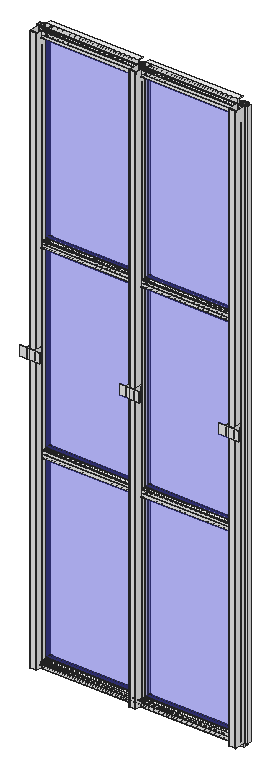
Revit family "Facade_60_Curtain_Wall_I23_Standard", category Windows, host Wall, Revit 2014 (continued)
Definition of nested family "F60 Horizontal Profile Middle_I23_Std"
  Forms (mm)
    Extrusion 5, solid, material <- "Thermal Break Material", visible <- "Single Glazing"
      sketch origin (0, 0, 0) x (0, 1, 0) y (0, 0, 1)
        loop
          line (-59.3, 25.751) -> (-59.3, 27.648) -> (-49.599, 27.648) -> (-47.528, 28.651)
          arc (-47.528, 28.651) -> (-46.803, 30.001) -> (-47.528, 31.351) r 1.62
          line (-47.528, 31.351) -> (-49.599, 32.353) -> (-59.3, 32.353) -> (-59.3, 34.251)
          arc (-59.3, 34.251) -> (-59.446, 34.604) -> (-59.8, 34.751) r 0.5
          line (-59.8, 34.751) -> (-63.3, 34.751)
          arc (-63.3, 34.751) -> (-63.654, 34.604) -> (-63.8, 34.251) r 0.5
          line (-63.8, 34.251) -> (-63.8, 32.328) -> (-62.4, 31.52) -> (-62.4, 28.483) -> (-63.8, 27.673) -> (-63.8, 25.751)
        loop
          line (-59.794, 28.506) -> (-59.006, 29.294)
          arc (-59.006, 29.294) -> (-58.788, 29.618) -> (-58.713, 30.001) r 0.986
          arc (-58.713, 30.001) -> (-58.79, 30.384) -> (-59.008, 30.71) r 1.007
          line (-59.008, 30.71) -> (-59.794, 31.496) -> (-60.65, 31.496)
          arc (-60.65, 31.496) -> (-61.004, 31.349) -> (-61.15, 30.996) r 0.5
          line (-61.15, 30.996) -> (-61.15, 29.006)
          arc (-61.15, 29.006) -> (-61.004, 28.652) -> (-60.65, 28.506) r 0.5
          line (-60.65, 28.506) -> (-59.794, 28.506)
        loop
          line (-47.854, 30.898) -> (-49.415, 31.653) -> (-56.782, 31.653)
          arc (-56.782, 31.653) -> (-57.207, 31.417) -> (-57.23, 30.932) r 0.5
          arc (-57.23, 30.932) -> (-57.013, 30.001) -> (-57.23, 29.07) r 2.099
          arc (-57.23, 29.07) -> (-57.207, 28.584) -> (-56.782, 28.348) r 0.5
          line (-56.782, 28.348) -> (-49.415, 28.348) -> (-48.055, 29.007)
          arc (-48.055, 29.007) -> (-47.35, 29.888) -> (-47.854, 30.898) r 1.047
      from 0 to 250 <- "Length"
    Extrusion 6, solid, material <- "Profile Material", visible <- "Single Glazing"
      sketch origin (0, 0, 0) x (0, 1, 0) y (0, 0, 1)
        loop
          line (-63.8, 52.694) -> (-64.8, 52.694) -> (-64.8, 51.544) -> (-66.05, 51.544) -> (-66.05, 57.044) -> (-64.8, 57.044) -> (-64.8, 55.894) -> (-63.8, 55.894) -> (-63.8, 58.294)
          arc (-63.8, 58.294) -> (-64.082, 58.803) -> (-64.664, 58.835) r 0.6
          line (-64.664, 58.835) -> (-66.562, 57.91) -> (-67.088, 58.988) -> (-68.05, 58.519) -> (-68.05, 48.513)
          arc (-68.05, 48.513) -> (-67.874, 48.089) -> (-67.45, 47.913) r 0.6
          line (-67.45, 47.913) -> (-66.6, 47.913) -> (-66.6, 12.09) -> (-67.45, 12.09)
          arc (-67.45, 12.09) -> (-67.874, 11.914) -> (-68.05, 11.49) r 0.6
          line (-68.05, 11.49) -> (-68.05, 1.485) -> (-67.088, 1.016) -> (-66.562, 2.095) -> (-64.663, 1.169)
          arc (-64.663, 1.169) -> (-64.082, 1.2) -> (-63.8, 1.709) r 0.6
          line (-63.8, 1.709) -> (-63.8, 4.109) -> (-64.8, 4.109) -> (-64.8, 2.959) -> (-66.05, 2.959) -> (-66.05, 8.459) -> (-64.8, 8.459) -> (-64.8, 7.309) -> (-63.8, 7.309) -> (-63.8, 27.674) -> (-62.4, 28.483) -> (-62.4, 31.521) -> (-63.8, 32.329) -> (-63.8, 52.694)
      from 0 to 250 <- "Length"
    Extrusion 7, solid, material <- "Profile Material", visible <- "Single Glazing"
      sketch origin (0, 0, 0) x (0, 1, 0) y (0, 0, 1)
        loop
          line (-68.551, 3.3) -> (-76.559, 3.3) -> (-76.559, 30) -> (-76.559, 56.15)
          arc (-76.559, 56.15) -> (-75.739, 58.13) -> (-73.759, 58.95) r 2.8
          line (-73.759, 58.95) -> (-69.151, 58.95) -> (-69.151, 57.2)
          arc (-69.151, 57.2) -> (-68.987, 56.829) -> (-68.601, 56.703) r 0.5
          arc (-68.601, 56.703) -> (-68.216, 56.829) -> (-68.051, 57.2) r 0.5
          line (-68.051, 57.2) -> (-68.051, 58.517) -> (-67.089, 58.986) -> (-66.563, 57.907) -> (-63.866, 59.222)
          arc (-63.866, 59.222) -> (-64.001, 59.762) -> (-64.504, 60) r 0.65
          line (-64.504, 60) -> (-73.859, 60)
          arc (-73.859, 60) -> (-76.687, 58.828) -> (-77.859, 56) r 4
          line (-77.859, 56) -> (-77.859, 30) -> (-77.859, 2.493)
          arc (-77.859, 2.493) -> (-77.197, 0.799) -> (-75.562, 0.002) r 2.5
          arc (-75.562, 0.002) -> (-75.182, 0.132) -> (-75.021, 0.5) r 0.5
          line (-75.021, 0.5) -> (-75.021, 2) -> (-69.151, 2) -> (-69.151, 0.5)
          arc (-69.151, 0.5) -> (-69.005, 0.146) -> (-68.651, 0) r 0.5
          line (-68.651, 0) -> (-64.504, 0)
          arc (-64.504, 0) -> (-64.001, 0.238) -> (-63.866, 0.778) r 0.65
          line (-63.866, 0.778) -> (-66.563, 2.093) -> (-67.089, 1.014) -> (-68.051, 1.483) -> (-68.051, 2.8)
          arc (-68.051, 2.8) -> (-68.198, 3.154) -> (-68.551, 3.3) r 0.5
      from 0 to 250 <- "Length"
    Extrusion 8, solid, material <- "Thermal Break Material", visible <- "Double Glazing"
      sketch origin (0, 0, 0) x (0, 1, 0) y (0, 0, 1)
        loop
          line (-77.8, 27.673) -> (-77.8, 25.751)
          arc (-77.8, 25.751) -> (-77.654, 25.397) -> (-77.3, 25.251) r 0.5
          line (-77.3, 25.251) -> (-59.8, 25.251)
          arc (-59.8, 25.251) -> (-59.446, 25.397) -> (-59.3, 25.751) r 0.5
          line (-59.3, 25.751) -> (-59.3, 27.647) -> (-49.599, 27.647) -> (-47.528, 28.649)
          arc (-47.528, 28.649) -> (-46.803, 29.999) -> (-47.528, 31.349) r 1.62
          line (-47.528, 31.349) -> (-49.602, 32.353) -> (-59.3, 32.353) -> (-59.3, 34.251)
          arc (-59.3, 34.251) -> (-59.446, 34.604) -> (-59.8, 34.751) r 0.5
          line (-59.8, 34.751) -> (-77.3, 34.751)
          arc (-77.3, 34.751) -> (-77.654, 34.604) -> (-77.8, 34.251) r 0.5
          line (-77.8, 34.251) -> (-77.8, 32.327) -> (-76.4, 31.52) -> (-76.4, 28.482) -> (-77.8, 27.673)
        loop
          line (-59.006, 30.708) -> (-61.156, 32.858)
          arc (-61.156, 32.858) -> (-61.48, 33.074) -> (-61.863, 33.151) r 1
          line (-61.863, 33.151) -> (-73.8, 33.151)
          arc (-73.8, 33.151) -> (-74.507, 32.858) -> (-74.8, 32.151) r 1
          line (-74.8, 32.151) -> (-74.8, 27.851)
          arc (-74.8, 27.851) -> (-74.507, 27.144) -> (-73.8, 26.851) r 1
          line (-73.8, 26.851) -> (-61.863, 26.851)
          arc (-61.863, 26.851) -> (-61.48, 26.927) -> (-61.156, 27.144) r 1
          line (-61.156, 27.144) -> (-59.006, 29.294)
          arc (-59.006, 29.294) -> (-58.788, 29.618) -> (-58.713, 30.001) r 0.986
          arc (-58.713, 30.001) -> (-58.79, 30.383) -> (-59.006, 30.708) r 1.007
        loop
          line (-56.782, 28.347) -> (-49.415, 28.347) -> (-48.055, 29.005)
          arc (-48.055, 29.005) -> (-47.35, 29.887) -> (-47.854, 30.896) r 1.047
          line (-47.854, 30.896) -> (-49.415, 31.652) -> (-56.782, 31.652)
          arc (-56.782, 31.652) -> (-57.207, 31.416) -> (-57.23, 30.93) r 0.5
          arc (-57.23, 30.93) -> (-57.013, 29.999) -> (-57.23, 29.068) r 2.099
          arc (-57.23, 29.068) -> (-57.207, 28.583) -> (-56.782, 28.347) r 0.5
      from 0 to 250 <- "Length"
    Extrusion 9, solid, material <- "Profile Material", visible <- "Double Glazing"
      sketch origin (0, 0, 0) x (0, 1, 0) y (0, 0, 1)
        loop
          line (-77.8, 52.694) -> (-78.8, 52.694) -> (-78.8, 51.544) -> (-80.05, 51.544) -> (-80.05, 57.044) -> (-78.8, 57.044) -> (-78.8, 55.894) -> (-77.8, 55.894) -> (-77.8, 58.294)
          arc (-77.8, 58.294) -> (-78.082, 58.802) -> (-78.664, 58.834) r 0.6
          line (-78.664, 58.834) -> (-80.562, 57.909) -> (-81.088, 58.988) -> (-82.05, 58.518) -> (-82.05, 48.512)
          arc (-82.05, 48.512) -> (-81.874, 48.088) -> (-81.45, 47.912) r 0.6
          line (-81.45, 47.912) -> (-80.6, 47.912) -> (-80.6, 12.089) -> (-81.45, 12.089)
          arc (-81.45, 12.089) -> (-81.874, 11.913) -> (-82.05, 11.489) r 0.6
          line (-82.05, 11.489) -> (-82.05, 1.484) -> (-81.088, 1.015) -> (-80.562, 2.094) -> (-78.663, 1.169)
          arc (-78.663, 1.169) -> (-78.082, 1.199) -> (-77.8, 1.708) r 0.6
          line (-77.8, 1.708) -> (-77.8, 4.108) -> (-78.8, 4.108) -> (-78.8, 2.958) -> (-80.05, 2.958) -> (-80.05, 8.458) -> (-78.8, 8.458) -> (-78.8, 7.308) -> (-77.8, 7.308) -> (-77.8, 27.673) -> (-76.4, 28.482) -> (-76.4, 31.52) -> (-77.8, 32.328) -> (-77.8, 52.694)
      from 0 to 250 <- "Length"
    Extrusion 10, solid, material <- "Profile Material", visible <- "Double Glazing"
      sketch origin (0, 0, 0) x (0, 1, 0) y (0, 0, 1)
        loop
          line (-82.551, 3.3) -> (-90.558, 3.3) -> (-90.558, 30) -> (-90.558, 56.15)
          arc (-90.558, 56.15) -> (-89.738, 58.13) -> (-87.758, 58.95) r 2.8
          line (-87.758, 58.95) -> (-83.151, 58.95) -> (-83.151, 57.2)
          arc (-83.151, 57.2) -> (-82.986, 56.829) -> (-82.601, 56.703) r 0.5
          arc (-82.601, 56.703) -> (-82.215, 56.829) -> (-82.051, 57.2) r 0.5
          line (-82.051, 57.2) -> (-82.051, 58.517) -> (-81.088, 58.986) -> (-80.563, 57.907) -> (-77.866, 59.222)
          arc (-77.866, 59.222) -> (-78, 59.762) -> (-78.503, 60) r 0.65
          line (-78.503, 60) -> (-87.858, 60)
          arc (-87.858, 60) -> (-90.687, 58.828) -> (-91.858, 56) r 4
          line (-91.858, 56) -> (-91.858, 30) -> (-91.858, 2.493)
          arc (-91.858, 2.493) -> (-91.196, 0.799) -> (-89.561, 0.002) r 2.5
          arc (-89.561, 0.002) -> (-89.182, 0.132) -> (-89.021, 0.5) r 0.5
          line (-89.021, 0.5) -> (-89.021, 2) -> (-83.151, 2) -> (-83.151, 0.5)
          arc (-83.151, 0.5) -> (-83.004, 0.146) -> (-82.651, 0) r 0.5
          line (-82.651, 0) -> (-78.503, 0)
          arc (-78.503, 0) -> (-78, 0.238) -> (-77.866, 0.778) r 0.65
          line (-77.866, 0.778) -> (-80.563, 2.093) -> (-81.088, 1.014) -> (-82.051, 1.483) -> (-82.051, 2.8)
          arc (-82.051, 2.8) -> (-82.197, 3.154) -> (-82.551, 3.3) r 0.5
      from 0 to 250 <- "Length"
  Dimensions and locks
    aligned and locked: level to plane 2
Definition of nested family "F60 Intermediate Anchor_I23_Std"
  Parameters (values of type "F60 Intermediate Anchor")
    Profile Material [instance] = none
  Reference planes
    plane 1 "Center (Front/Back)": y = 0
    plane 2: z = 0
    plane 3 "Center (Left/Right)": x = 0
  Forms (mm)
    Extrusion 1, solid, material <- "Profile Material"
      sketch origin (0, 0, 0) x (1, 0, 0) y (0, 1, 0)
        loop
          line (23.715, 89.531) -> (108.716, 89.531) -> (193.716, 89.531) -> (193.716, 92.558)
          arc (193.716, 92.558) -> (192.905, 94.609) -> (190.911, 95.551) r 3
          line (190.911, 95.551) -> (147.753, 95.551)
          arc (147.753, 95.551) -> (146.314, 96.123) -> (145.715, 97.551) r 2
          line (145.715, 97.551) -> (145.715, 166.508)
          arc (145.715, 166.508) -> (144.291, 168.703) -> (141.815, 169.552) r 4.008
          line (141.815, 169.552) -> (140.303, 169.552)
          arc (140.303, 169.552) -> (139.875, 169.378) -> (139.703, 168.95) r 0.588
          line (139.703, 168.95) -> (139.703, 94.268)
          arc (139.703, 94.268) -> (139.579, 93.769) -> (139.115, 93.549) r 0.6
          line (139.115, 93.549) -> (108.715, 93.549) -> (78.422, 93.549)
          arc (78.422, 93.549) -> (77.93, 93.679) -> (77.715, 94.14) r 0.6
          line (77.715, 94.14) -> (77.715, 168.94)
          arc (77.715, 168.94) -> (77.531, 169.368) -> (77.104, 169.54) r 0.588
          line (77.104, 169.54) -> (75.684, 169.54)
          arc (75.684, 169.54) -> (73.185, 168.744) -> (71.713, 166.573) r 4.008
          line (71.713, 166.573) -> (71.713, 97.622)
          arc (71.713, 97.622) -> (71.158, 96.154) -> (69.715, 95.538) r 2
          line (69.715, 95.538) -> (26.715, 95.532)
          arc (26.715, 95.532) -> (24.594, 94.653) -> (23.715, 92.532) r 3
          line (23.715, 92.532) -> (23.715, 89.531)
      from 0 to 85
  Dimensions and locks
    aligned and locked: level to plane 2
Types (23, lengths in mm): name | Windload Design | Width | Overall Width | Overall Height | Mullion Side Gap | Mullion Configuration | Max Pane Area | Sill Length | Length Sill | Intruderprufe U Value | Intruderprufe SHGC Value | Intruderprufe LowE U Value | Intruderprufe LowE SHGC Value | Intruderprufe Insulated U Value | Intruderprufe Insulated SHGC Value | Intruderprufe Insulated LowE U Value | Intruderprufe Insulated LowE SHGC Value | Horizontal Profile Length | Glazing Width | Glazing Gap SG | Glazing Gap DG | DG Thickness Calc | DG Thickness | SG Thickness | Frame Offset | Custom Curtain Wall Width | Custom Windload | 160mm Mullion | 100mm Mullion
  (no name) | 1000 | 1790 | 1790 | 4990 | 865 | 1 | 1.36425 m² | 1790 | 1790 | 5.64 | 0.685 | 4.28 | 0.6 | 3.1 | 0.59 | 2.48 | 0.532 | 805 | 845.4 | 5 | 4 | 4 | 4 | 4 | 130 | 1790 | 1000 | no | yes
  F60-I23-1850-1000Pa | 1000 | 1790 | 1790 | 4990 | 865 | 1 | 1.36425 m² | 1790 | 1790 | 5.64 | 0.685 | 4.28 | 0.6 | 3.1 | 0.59 | 2.48 | 0.532 | 805 | 845.4 | 5 | 4 | 4 | 4 | 4 | 130 | 1790 | 1000 | no | yes
  F60-I23-1850-1500Pa | 1500 | 1790 | 2000 | 3000 | 865 | 1 | 1.36425 m² | 1790 | 1790 | 5.64 | 0.685 | 4.28 | 0.6 | 3.1 | 0.59 | 2.48 | 0.532 | 805 | 845.4 | 5 | 4 | 4 | 4 | 4 | 130 | 1790 | 1500 | no | yes
  F60-I23-2450-1000Pa | 1000 | 2390 | 2000 | 3000 | 1165 | 1 | 1.84837 m² | 2390 | 2390 | 5.66 | 0.692 | 4.25 | 0.607 | 3.07 | 0.596 | 2.44 | 0.537 | 1105 | 1145.4 | 4.5 | 4 | 4 | 4 | 5 | 130 | 2390 | 1000 | no | yes
  F60-I23-2450-1500Pa | 1500 | 2390 | 2000 | 3000 | 1165 | 1 | 1.84837 m² | 2390 | 2390 | 5.66 | 0.692 | 4.25 | 0.607 | 3.07 | 0.596 | 2.44 | 0.537 | 1105 | 1145.4 | 4.5 | 4 | 4 | 4 | 5 | 130 | 2390 | 1500 | no | yes
  F60-I23-2450-2000Pa | 2000 | 2390 | 2000 | 3000 | 1165 | 2 | 1.84837 m² | 2390 | 2390 | 5.66 | 0.692 | 4.25 | 0.607 | 3.07 | 0.596 | 2.44 | 0.537 | 1105 | 1145.4 | 4.5 | 4 | 4 | 4 | 5 | 160 | 2390 | 2000 | yes | no
  F60-I23-3050-1000Pa | 1000 | 2990 | 2000 | 3000 | 1465 | 1 | 2.33249 m² | 2990 | 2990 | 5.68 | 0.703 | 4.21 | 0.616 | 3.04 | 0.605 | 2.39 | 0.546 | 1405 | 1445.4 | 3.8 | 3 | 5 | 5 | 6.4 | 130 | 2990 | 1000 | no | yes
  F60-I23-3050-1500Pa | 1500 | 2990 | 2000 | 3000 | 1465 | 1 | 2.33249 m² | 2990 | 2990 | 5.68 | 0.703 | 4.21 | 0.616 | 3.04 | 0.605 | 2.39 | 0.546 | 1405 | 1445.4 | 3.8 | 3 | 5 | 5 | 6.4 | 130 | 2990 | 1500 | no | yes
  F60-I23-3050-2000Pa | 2000 | 2990 | 2000 | 3000 | 1465 | 2 | 2.33249 m² | 2990 | 2990 | 5.68 | 0.703 | 4.21 | 0.616 | 3.04 | 0.605 | 2.39 | 0.546 | 1405 | 1445.4 | 3.8 | 3 | 5 | 5 | 6.4 | 160 | 2990 | 2000 | yes | no
  F60-I23-3650-1000Pa | 1000 | 3590 | 2000 | 3000 | 1765 | 1 | 2.81661 m² | 3590 | 3590 | 5.7 | 0.71 | 4.19 | 0.622 | 3.01 | 0.611 | 2.36 | 0.551 | 1705 | 1745.4 | 3.8 | 3 | 5 | 5 | 6.4 | 130 | 3590 | 1000 | no | yes
  F60-I23-3650-1500Pa | 1500 | 3590 | 2000 | 3000 | 1765 | 2 | 2.81661 m² | 3590 | 3590 | 5.7 | 0.71 | 4.19 | 0.622 | 3.01 | 0.611 | 2.36 | 0.551 | 1705 | 1745.4 | 3.8 | 3 | 5 | 5 | 6.4 | 160 | 3590 | 1500 | yes | no
  F60-I23-3650-2000Pa | 2000 | 3590 | 2000 | 3000 | 1765 | 2 | 2.81661 m² | 3590 | 3590 | 5.7 | 0.71 | 4.19 | 0.622 | 3.01 | 0.611 | 2.36 | 0.551 | 1705 | 1745.4 | 3.8 | 3 | 5 | 5 | 6.4 | 160 | 3590 | 2000 | yes | no
  F60-I23-4250-1000Pa | 1000 | 4190 | 3900 | 4990 | 2065 | 1 | 3.30073 m² | 4190 | 4190 | 5.71 | 0.716 | 4.17 | 0.627 | 3 | 0.616 | 2.34 | 0.555 | 2005 | 2045.4 | 3 | 2 | 6 | 6 | 8 | 130 | 4190 | 1000 | no | yes
  F60-I23-4250-1500Pa | 1500 | 4190 | 3900 | 4990 | 2065 | 2 | 3.30073 m² | 4190 | 4190 | 5.71 | 0.716 | 4.17 | 0.627 | 3 | 0.616 | 2.34 | 0.555 | 2005 | 2045.4 | 3 | 2 | 6 | 6 | 8 | 160 | 4190 | 1500 | yes | no
  F60-I23-4250-2000Pa | 2000 | 4190 | 3900 | 4990 | 2065 | 2 | 3.30073 m² | 4190 | 4190 | 5.71 | 0.716 | 4.17 | 0.627 | 3 | 0.616 | 2.34 | 0.555 | 2005 | 2045.4 | 3 | 2 | 6 | 6 | 8 | 160 | 4190 | 2000 | yes | no
  F60-I23-4850-1000Pa | 1000 | 4790 | 3900 | 4990 | 2365 | 1 | 3.78485 m² | 4790 | 4790 | 5.72 | 0.719 | 4.15 | 0.63 | 2.98 | 0.619 | 2.32 | 0.558 | 2305 | 2345.4 | 3 | 2 | 6 | 6 | 8 | 130 | 4790 | 1000 | no | yes
  F60-I23-4850-1500Pa | 1500 | 4790 | 3900 | 4990 | 2365 | 2 | 3.78485 m² | 4790 | 4790 | 5.72 | 0.719 | 4.15 | 0.63 | 2.98 | 0.619 | 2.32 | 0.558 | 2305 | 2345.4 | 3 | 2 | 6 | 6 | 8 | 160 | 4790 | 1500 | yes | no
  F60-I23-4850-2000Pa | 2000 | 4790 | 3900 | 4990 | 2365 | 2 | 3.78485 m² | 4790 | 4790 | 5.72 | 0.719 | 4.15 | 0.63 | 2.98 | 0.619 | 2.32 | 0.558 | 2305 | 2345.4 | 3 | 2 | 6 | 6 | 8 | 160 | 4790 | 2000 | yes | no
  F60-I23-5450-1000Pa | 1000 | 5390 | 3900 | 4990 | 2665 | 1 | 4.26897 m² | 5390 | 5390 | 5.72 | 0.722 | 4.15 | 0.633 | 2.98 | 0.621 | 2.31 | 0.56 | 2605 | 2645.4 | 3 | 2 | 6 | 6 | 8 | 130 | 5390 | 1000 | no | yes
  F60-I23-5450-1500Pa | 1500 | 5390 | 3900 | 4990 | 2665 | 2 | 4.26897 m² | 5390 | 5390 | 5.72 | 0.722 | 4.15 | 0.633 | 2.98 | 0.621 | 2.31 | 0.56 | 2605 | 2645.4 | 3 | 2 | 6 | 6 | 8 | 160 | 5390 | 1500 | yes | no
  F60-I23-6050-1000Pa | 1000 | 5990 | 3900 | 4990 | 2965 | 1 | 4.75309 m² | 5990 | 5990 | 5.74 | 0.725 | 4.14 | 0.635 | 2.97 | 0.623 | 2.3 | 0.562 | 2905 | 2945.4 | 2 | 2 | 8 | 6 | 10 | 130 | 5990 | 1000 | no | yes
  F60-I23-6050-1500Pa | 1500 | 5990 | 3900 | 4990 | 2965 | 2 | 4.75309 m² | 5990 | 5990 | 5.74 | 0.725 | 4.14 | 0.635 | 2.97 | 0.623 | 2.3 | 0.562 | 2905 | 2945.4 | 2 | 2 | 8 | 6 | 10 | 160 | 5990 | 1500 | yes | no
  F60-I23-6050-2000Pa | 2000 | 5990 | 5990 | 4990 | 2965 | 2 | 4.75309 m² | 5990 | 5990 | 5.74 | 0.725 | 4.14 | 0.635 | 2.97 | 0.623 | 2.3 | 0.562 | 2905 | 2945.4 | 2 | 2 | 8 | 6 | 10 | 160 | 5990 | 2000 | yes | no
